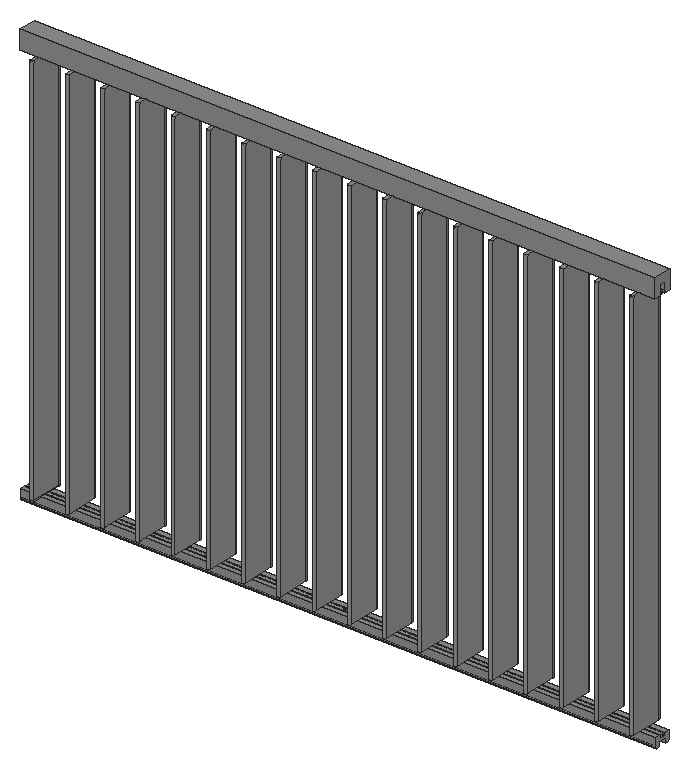
Revit family "Haworth_Pergola_Slat_Painted_Straight", category Furniture Systems, Revit 2018
Family settings
  Round Connector Dimension = Use Diameter
  Part Type = Normal
  OmniClass Number = 23.40.70.14.64.21
  OmniClass Title = Systems Furniture
  Work Plane-Based = No
  Always vertical = Yes
  Cut with Voids When Loaded = No
  Shared = No
  Room Calculation Point = No
Parameters (values of type "144w")
  Width = 144"
  Warranty = "http://www.haworth.com/resources/product-info/warranties"
  URL - Product = "https://www.haworth.com/na/en/inspiration/pergola.html"
  URL = "http://www.haworth.com"
  Trim Finish = Haworth _ Paint _ Undecided _ Pergola
  Top Rail [instance] = yes
  Standard Width = "48, 72, 96, 120, 144 in."  # constant formula
  Slat Finish = Haworth _ Paint _ Undecided _ Pergola
  Slat Count = ((Actual Width - (End Slat Offset * 2)) / 8") + 1  # 18
  Slat Angle - 90 Deg. [instance] = and(not([Slat Angle - 45 Deg.]), not([Slat Angle - 60 Deg.]))  # yes
  Slat Angle - 60 Deg. [instance] = no
  Slat Angle - 45 Deg. [instance] = no
  End Slat Offset = 4"  # constant formula
  Custom Size = not(or(Width = 48", Width = 72", Width = 96", Width = 120", Width = 144"))  # no
  Bracket Thickness = 25/128"  # constant formula
  Sustainability Info = "http://www.haworth.com/company-info/sustainablility"
  Model = "Haworth Pergola"  # constant formula
  Description = "Haworth - Pergola Slat - Painted Straight"  # constant formula
  Bottom Rail [instance] = yes
  Base Height = 2"  # constant formula
  Actual Depth = 4"  # constant formula
  Size = "Verify Final Dim. w/ Haworth"  # constant formula
  Revision Number = "1"  # constant formula
  Min. Width = 48"  # constant formula
  Max. Width = 144"  # constant formula
  Min. Height = 89 1/2"  # constant formula
  Max. Height = 89 1/2"  # constant formula
  Manufacturer = "Haworth"  # constant formula
  Author = "Haworth (Alias)"  # constant formula
  Assembly Code = "E2020200"
  Actual Width = if(Width < Min. Width, Min. Width, if(Width > Max. Width, Max. Width, Width))  # 144"
  Actual Height = 89 1/2"  # constant formula
Types (5): name | Width | Slat Count | Actual Width
  144w | 144" | 18 | 144"
  120w | 120" | 15 | 120"
  96w | 96" | 12 | 96"
  72w | 72" | 9 | 72"
  48w | 48" | 6 | 48"
Reference planes (in)
  plane 1 "Center F/B": y = 0
  plane 2 "Bottom": z = 0.5
  plane 3 "Center L/R": x = 1.5
  plane 4 "Back": y = 2
  plane 5 "Front": y = -2
  plane 6 "Right": x = 73.5
  plane 7 "Top": z = 92
  plane 8 "Left": x = -70.5
  plane 9 "Base Top": z = 2.5
  plane 10 "End Left Slat": x = -66.5
  plane 11 "End Right Slat": x = 69.5
  plane 12: z = 96
Forms (in)
  Extrusion 1, solid, material "Haworth _ Paint _ Undecided _ Pergola" <- "Trim Finish"
    sketch origin (0, 0, 0) x (1, 0, 0) y (0, 1, 0)
      loop
        circle (1.5, 0) r 0.23622
    from 2.5 to 2.19531
  Extrusion 2, solid, material "Haworth _ Paint _ Undecided _ Pergola" <- "Trim Finish"
    sketch origin (0, 0, 0) x (1, 0, 0) y (0, 1, 0)
      loop
        circle (1.5, 0) r 0.23622
    from 91.30469 to 92
  Sweep 3, solid, material "Haworth _ Paint _ Undecided _ Pergola" <- "Trim Finish"
    path origin (0, 0, 0) x (1, 0, 0) y (0, 0, 1)
      loop
        line (-70.5, 92) -> (73.5, 92)
    profile origin (1.5, 0, 92) x (0, 0, 1) y (0, -1, 0)
      loop
        line (0.0689, -0.59941) -> (0.0689, -0.30807) -> (0.52756, -0.30807) -> (0.52756, -0.18996) -> (0.0689, -0.18996) -> (0.0689, 0.46555) -> (0.52166, 0.46555) -> (0.52166, 0.52756) -> (0.0689, 0.52756) -> (0.0689, 0.59941) -> (0, 0.59941) -> (0, -0.59941) -> (0.0689, -0.59941)
  Sweep 4, solid, material "Haworth _ Paint _ Undecided _ Pergola" <- "Trim Finish", visible <- "Bottom Rail"
    path origin (0, 0, -82) x (1, 0, 0) y (0, 0, 1)
      loop
        line (-70.5, 84.5) -> (73.5, 84.5)
    profile origin (1.5, 0, 2.5) x (0, 0, 1) y (0, -1, 0)
      loop
        line (0, 1.9685) -> (-2, 1.9685) -> (-2, 1.6122) -> (-2.07874, 1.53346) -> (-2.07874, 1.13976) -> (-2.19685, 1.13976) -> (-2.19685, 1.53346) -> (-2.27559, 1.53346) -> (-2.27559, 0.93504) -> (-1.26181, 0.93504) -> (-1.26181, -0.93504) -> (-2.27559, -0.93504) -> (-2.27559, -1.53346) -> (-2.19685, -1.53346) -> (-2.19685, -1.13976) -> (-2.07874, -1.13976) -> (-2.07874, -1.53346) -> (-2, -1.6122) -> (-2, -1.9685) -> (0, -1.9685) -> (0, -0.6378) -> (-0.0689, -0.64994) -> (-0.0689, -0.52756) -> (-0.18121, -0.52756) -> (-0.16732, -0.6063) -> (-0.59646, -0.6063) -> (-0.59646, 0.6063) -> (-0.16732, 0.6063) -> (-0.18121, 0.52756) -> (-0.0689, 0.52756) -> (-0.0689, 0.64994) -> (0, 0.6378) -> (0, 1.9685)
  Sweep 5, solid, material "Haworth _ Paint _ Undecided _ Pergola" <- "Trim Finish"
    path origin (0, 0, -82) x (1, 0, 0) y (0, 0, 1)
      loop
        line (-70.5, 84.5) -> (73.5, 84.5)
    profile origin (1.5, 0, 2.5) x (0, 0, 1) y (0, -1, 0)
      loop
        line (-0.52756, 0.30807) -> (-0.52756, 0.18996) -> (-0.0689, 0.18996) -> (-0.0689, -0.46555) -> (-0.52165, -0.46555) -> (-0.52165, -0.52756) -> (-0.0689, -0.52756) -> (-0.0689, -0.59941) -> (0, -0.59941) -> (0, 0.59941) -> (-0.0689, 0.59941) -> (-0.0689, 0.30807) -> (-0.52756, 0.30807)
Lines and regions (in)
  Masking region 1
    outline origin (0, 0, 0) x (1, 0, 0) y (0, 1, 0)
      loop
        line (-70.5, 2) -> (-70.5, -2) -> (73.5, -2) -> (73.5, 2) -> (-70.5, 2)
Dimensions and locks (in)
  equal spacing: plane 4 "Back", plane 1 "Center F/B", plane 5 "Front"
  "Actual Depth": plane 4 "Back" to plane 5 "Front"
  equal spacing: plane 8 "Left", plane 3 "Center L/R", plane 6 "Right"
  "Actual Width": plane 8 "Left" to plane 6 "Right"
  plane 9 "Base Top" to level = 2 1/2"
  "Actual Height": plane 7 "Top" to plane 9 "Base Top"
  "End Slat Offset": plane 8 "Left" to plane 10 "End Left Slat"
  "End Slat Offset": plane 11 "End Right Slat" to plane 6 "Right"
  plane 4 "Back" to Masking region 1 sketch curve = 0"
  plane 5 "Front" to Masking region 1 sketch curve = 0"
  equal spacing: group 1, group 2, group 3, group 4, group 5, group 6, group 7, group 8, group 9, group 10, group 11, group 13, group 14, group 15, group 16, group 17, group 18, group 12  (x2)
  equal spacing: group 12, group 18, group 17, group 16, group 15, group 14, group 13, group 11, group 10, group 9, group 8, group 7, group 6, group 5, group 4, group 3, group 2, group 1
  equal spacing: group 19, group 20, group 21, group 22, group 23, group 24, group 25, group 26, group 27, group 28, group 29, group 30, group 31, group 32, group 33, group 34, group 35, group 36  (x3)
  equal spacing: group 38, group 54, group 53, group 52, group 51, group 50, group 49, group 48, group 47, group 46, group 45, group 44, group 43, group 42, group 41, group 40, group 39, group 37
  equal spacing: group 37, group 39, group 40, group 41, group 42, group 43, group 44, group 45, group 46, group 47, group 48, group 49, group 50, group 51, group 52, group 53, group 54, group 38  (x2)
  aligned and locked: plane 1 "Center F/B" to Extrusion 1 sketch curve
  aligned and locked: plane 3 "Center L/R" to Extrusion 1 sketch curve
  aligned and locked: plane 1 "Center F/B" to Extrusion 2 sketch curve
  aligned and locked: plane 3 "Center L/R" to Extrusion 2 sketch curve
  aligned and locked: plane 7 "Top" to Extrusion 2
  aligned and locked: Extrusion 1 to plane 9 "Base Top"
  aligned and locked: Sweep 3 sketch curve to plane 7 "Top"
  aligned and locked: plane 6 "Right" to Sweep 3 sketch curve
  aligned and locked: plane 8 "Left" to Sweep 3 sketch curve
  aligned and locked: Sweep 4 sketch curve to plane 9 "Base Top"
  aligned and locked: plane 8 "Left" to Sweep 4 sketch curve
  aligned and locked: plane 6 "Right" to Sweep 4 sketch curve
  aligned and locked: Sweep 5 sketch curve to plane 9 "Base Top"
  aligned and locked: plane 6 "Right" to Sweep 5 sketch curve
  aligned and locked: plane 8 "Left" to Sweep 5 sketch curve
  aligned and locked: Masking region 1 sketch curve to plane 6 "Right"
  aligned and locked: Masking region 1 sketch curve to plane 8 "Left"
  aligned and locked: plane 1 "Center F/B" to nested 2
  aligned and locked: plane 3 "Center L/R" to nested 2
  aligned and locked: Masking region 1 to plane 5 "Front"
  aligned and locked: plane 4 "Back" to Masking region 1
  aligned and locked: nested 2 to plane 12
  aligned and locked: nested 4 to plane 10 "End Left Slat"
  aligned and locked: nested 15 to plane 11 "End Right Slat"
  aligned and locked: nested 3 to plane 10 "End Left Slat"
  aligned and locked: nested 38 to plane 11 "End Right Slat"
  aligned and locked: nested 1 to plane 11 "End Right Slat"
  aligned and locked: nested 39 to plane 10 "End Left Slat"
Automatic sketch dimensions
  profile plane to Sweep 3 sketch curve = 0"
  Sweep 3 sketch curve to profile plane = 0.0689"  (x3)
  Sweep 3 sketch curve to Sweep 3 sketch curve = 0.45276"
  Sweep 3 sketch curve to plane 1 "Center F/B" = 0.18996"
  Sweep 3 sketch curve to Sweep 3 sketch curve = 0.45866"
  Sweep 3 sketch curve to Sweep 3 sketch curve = 0.11811"  (x2)
  Sweep 3 sketch curve to Sweep 3 sketch curve = 0.29134"
  plane 1 "Center F/B" to Sweep 3 sketch curve = 0.46555"
  Sweep 3 sketch curve to Sweep 3 sketch curve = 0"
  Sweep 3 sketch curve to Sweep 3 sketch curve = 0.06201"
  Sweep 3 sketch curve to Sweep 3 sketch curve = 0.07185"
  profile plane to Sweep 4 sketch curve = 0"  (x2)
  profile plane to Sweep 4 sketch curve = 0.0689"  (x2)
  Sweep 4 sketch curve to Sweep 4 sketch curve = 0.09843"  (x2)
  Sweep 4 sketch curve to Sweep 4 sketch curve = 0.01388"  (x2)
  Sweep 4 sketch curve to Sweep 4 sketch curve = 0.41525"
  Sweep 4 sketch curve to Sweep 4 sketch curve = 0.66535"
  Sweep 4 sketch curve to Sweep 4 sketch curve = 0.73819"  (x2)
  Sweep 4 sketch curve to Sweep 4 sketch curve = 0.07874"  (x8)
  Sweep 4 sketch curve to Sweep 4 sketch curve = 0.11811"  (x2)
  Sweep 4 sketch curve to plane 1 "Center F/B" = 1.9685"
  Sweep 4 sketch curve to Sweep 4 sketch curve = 0.3563"
  Sweep 4 sketch curve to Sweep 4 sketch curve = 0.3937"  (x2)
  Sweep 4 sketch curve to Sweep 4 sketch curve = 0.20472"  (x2)
  Sweep 4 sketch curve to plane 1 "Center F/B" = 0.64994"
  Sweep 4 sketch curve to Sweep 4 sketch curve = 0.01215"  (x2)
  Sweep 4 sketch curve to Sweep 4 sketch curve = 0.04364"
  Sweep 4 sketch curve to Sweep 4 sketch curve = 0.12238"
  plane 1 "Center F/B" to Sweep 4 sketch curve = 0.52756"
  Sweep 4 sketch curve to Sweep 4 sketch curve = 0.11024"
  plane 1 "Center F/B" to Sweep 4 sketch curve = 0.93504"
  Sweep 4 sketch curve to Sweep 4 sketch curve = 0"
  Sweep 4 sketch curve to Sweep 4 sketch curve = 1.31856"
  profile plane to Sweep 5 sketch curve = 0"
  profile plane to Sweep 5 sketch curve = 0.0689"  (x3)
  Sweep 5 sketch curve to Sweep 5 sketch curve = 0.45276"
  Sweep 5 sketch curve to Sweep 5 sketch curve = 0.45866"
  Sweep 5 sketch curve to plane 1 "Center F/B" = 0.59941"
  Sweep 5 sketch curve to Sweep 5 sketch curve = 0.07185"
  Sweep 5 sketch curve to Sweep 5 sketch curve = 0.06201"
  plane 1 "Center F/B" to Sweep 5 sketch curve = 0.18996"
  Sweep 5 sketch curve to Sweep 5 sketch curve = 0.11811"
  Sweep 5 sketch curve to Sweep 5 sketch curve = 0.29134"
  radius of Extrusion 1 sketch curve = 0.23622"
  radius of Extrusion 2 sketch curve = 0.23622"
Nested families (in)
  nested 1: "Haworth_Pergola_PaintedSlat_PART" at (68, 0, 0.40234), visible <- "Slat Angle - 45 Deg.", type "Painted Slat"
  nested 2: "Haworth_Pergola_Panel_TopRail_Straight" at (-58, 0, 0.5), visible <- "Top Rail", type "Top Rail - 48w"
    with Width 144", Actual Width 144"
  nested 3: "Haworth_Pergola_PaintedSlat_PART" at (-67.94889, 0.38823, 0.40234) x (0.9659, -0.2588, 0) z (0, 0, 1), visible <- "Slat Angle - 60 Deg.", type "Painted Slat"
  nested 4: "Haworth_Pergola_PaintedSlat_PART" at (-67.56066, 1.06107, 0.40234) x (0.7071, -0.7071, 0) z (0, 0, 1), visible <- "Slat Angle - 90 Deg.", type "Painted Slat"
  nested 5: "Haworth_Pergola_PaintedSlat_PART" at (-59.56066, 1.06104, 0.40234) x (0.7071, -0.7071, 0) z (0, 0, 1), visible <- "Slat Angle - 90 Deg.", type "Painted Slat"
  nested 6: "Haworth_Pergola_PaintedSlat_PART" at (-51.56066, 1.06102, 0.40234) x (0.7071, -0.7071, 0) z (0, 0, 1), visible <- "Slat Angle - 90 Deg.", type "Painted Slat"
  nested 7: "Haworth_Pergola_PaintedSlat_PART" at (-43.56066, 1.061, 0.40234) x (0.7071, -0.7071, 0) z (0, 0, 1), visible <- "Slat Angle - 90 Deg.", type "Painted Slat"
  nested 8: "Haworth_Pergola_PaintedSlat_PART" at (-35.56066, 1.06097, 0.40234) x (0.7071, -0.7071, 0) z (0, 0, 1), visible <- "Slat Angle - 90 Deg.", type "Painted Slat"
  nested 9: "Haworth_Pergola_PaintedSlat_PART" at (-27.56066, 1.06095, 0.40234) x (0.7071, -0.7071, 0) z (0, 0, 1), visible <- "Slat Angle - 90 Deg.", type "Painted Slat"
  nested 10: "Haworth_Pergola_PaintedSlat_PART" at (-19.56066, 1.06092, 0.40234) x (0.7071, -0.7071, 0) z (0, 0, 1), visible <- "Slat Angle - 90 Deg.", type "Painted Slat"
  nested 11: "Haworth_Pergola_PaintedSlat_PART" at (-11.56066, 1.0609, 0.40234) x (0.7071, -0.7071, 0) z (0, 0, 1), visible <- "Slat Angle - 90 Deg.", type "Painted Slat"
  nested 12: "Haworth_Pergola_PaintedSlat_PART" at (-3.56066, 1.06088, 0.40234) x (0.7071, -0.7071, 0) z (0, 0, 1), visible <- "Slat Angle - 90 Deg.", type "Painted Slat"
  nested 13: "Haworth_Pergola_PaintedSlat_PART" at (4.43934, 1.06085, 0.40234) x (0.7071, -0.7071, 0) z (0, 0, 1), visible <- "Slat Angle - 90 Deg.", type "Painted Slat"
  nested 14: "Haworth_Pergola_PaintedSlat_PART" at (12.43934, 1.06083, 0.40234) x (0.7071, -0.7071, 0) z (0, 0, 1), visible <- "Slat Angle - 90 Deg.", type "Painted Slat"
  nested 15: "Haworth_Pergola_PaintedSlat_PART" at (68.43934, 1.06066, 0.40234) x (0.7071, -0.7071, 0) z (0, 0, 1), visible <- "Slat Angle - 90 Deg.", type "Painted Slat"
  nested 16: "Haworth_Pergola_PaintedSlat_PART" at (20.43934, 1.0608, 0.40234) x (0.7071, -0.7071, 0) z (0, 0, 1), visible <- "Slat Angle - 90 Deg.", type "Painted Slat"
  nested 17: "Haworth_Pergola_PaintedSlat_PART" at (28.43934, 1.06078, 0.40234) x (0.7071, -0.7071, 0) z (0, 0, 1), visible <- "Slat Angle - 90 Deg.", type "Painted Slat"
  nested 18: "Haworth_Pergola_PaintedSlat_PART" at (36.43934, 1.06076, 0.40234) x (0.7071, -0.7071, 0) z (0, 0, 1), visible <- "Slat Angle - 90 Deg.", type "Painted Slat"
  nested 19: "Haworth_Pergola_PaintedSlat_PART" at (44.43934, 1.06073, 0.40234) x (0.7071, -0.7071, 0) z (0, 0, 1), visible <- "Slat Angle - 90 Deg.", type "Painted Slat"
  nested 20: "Haworth_Pergola_PaintedSlat_PART" at (52.43934, 1.06071, 0.40234) x (0.7071, -0.7071, 0) z (0, 0, 1), visible <- "Slat Angle - 90 Deg.", type "Painted Slat"
  nested 21: "Haworth_Pergola_PaintedSlat_PART" at (60.43934, 1.06068, 0.40234) x (0.7071, -0.7071, 0) z (0, 0, 1), visible <- "Slat Angle - 90 Deg.", type "Painted Slat"
  nested 22: "Haworth_Pergola_PaintedSlat_PART" at (-59.94889, 0.38823, 0.40234) x (0.9659, -0.2588, 0) z (0, 0, 1), visible <- "Slat Angle - 60 Deg.", type "Painted Slat"
  nested 23: "Haworth_Pergola_PaintedSlat_PART" at (-51.94889, 0.38823, 0.40234) x (0.9659, -0.2588, 0) z (0, 0, 1), visible <- "Slat Angle - 60 Deg.", type "Painted Slat"
  nested 24: "Haworth_Pergola_PaintedSlat_PART" at (-43.94889, 0.38823, 0.40234) x (0.9659, -0.2588, 0) z (0, 0, 1), visible <- "Slat Angle - 60 Deg.", type "Painted Slat"
  nested 25: "Haworth_Pergola_PaintedSlat_PART" at (-35.94889, 0.38823, 0.40234) x (0.9659, -0.2588, 0) z (0, 0, 1), visible <- "Slat Angle - 60 Deg.", type "Painted Slat"
  nested 26: "Haworth_Pergola_PaintedSlat_PART" at (-27.94889, 0.38823, 0.40234) x (0.9659, -0.2588, 0) z (0, 0, 1), visible <- "Slat Angle - 60 Deg.", type "Painted Slat"
  nested 27: "Haworth_Pergola_PaintedSlat_PART" at (-19.94889, 0.38823, 0.40234) x (0.9659, -0.2588, 0) z (0, 0, 1), visible <- "Slat Angle - 60 Deg.", type "Painted Slat"
  nested 28: "Haworth_Pergola_PaintedSlat_PART" at (-11.94889, 0.38823, 0.40234) x (0.9659, -0.2588, 0) z (0, 0, 1), visible <- "Slat Angle - 60 Deg.", type "Painted Slat"
  nested 29: "Haworth_Pergola_PaintedSlat_PART" at (-3.94889, 0.38823, 0.40234) x (0.9659, -0.2588, 0) z (0, 0, 1), visible <- "Slat Angle - 60 Deg.", type "Painted Slat"
  nested 30: "Haworth_Pergola_PaintedSlat_PART" at (4.05111, 0.38823, 0.40234) x (0.9659, -0.2588, 0) z (0, 0, 1), visible <- "Slat Angle - 60 Deg.", type "Painted Slat"
  nested 31: "Haworth_Pergola_PaintedSlat_PART" at (12.05111, 0.38823, 0.40234) x (0.9659, -0.2588, 0) z (0, 0, 1), visible <- "Slat Angle - 60 Deg.", type "Painted Slat"
  nested 32: "Haworth_Pergola_PaintedSlat_PART" at (20.05111, 0.38823, 0.40234) x (0.9659, -0.2588, 0) z (0, 0, 1), visible <- "Slat Angle - 60 Deg.", type "Painted Slat"
  nested 33: "Haworth_Pergola_PaintedSlat_PART" at (28.05111, 0.38823, 0.40234) x (0.9659, -0.2588, 0) z (0, 0, 1), visible <- "Slat Angle - 60 Deg.", type "Painted Slat"
  nested 34: "Haworth_Pergola_PaintedSlat_PART" at (36.05111, 0.38823, 0.40234) x (0.9659, -0.2588, 0) z (0, 0, 1), visible <- "Slat Angle - 60 Deg.", type "Painted Slat"
  nested 35: "Haworth_Pergola_PaintedSlat_PART" at (44.05111, 0.38823, 0.40234) x (0.9659, -0.2588, 0) z (0, 0, 1), visible <- "Slat Angle - 60 Deg.", type "Painted Slat"
  nested 36: "Haworth_Pergola_PaintedSlat_PART" at (52.05111, 0.38823, 0.40234) x (0.9659, -0.2588, 0) z (0, 0, 1), visible <- "Slat Angle - 60 Deg.", type "Painted Slat"
  nested 37: "Haworth_Pergola_PaintedSlat_PART" at (60.05111, 0.38823, 0.40234) x (0.9659, -0.2588, 0) z (0, 0, 1), visible <- "Slat Angle - 60 Deg.", type "Painted Slat"
  nested 38: "Haworth_Pergola_PaintedSlat_PART" at (68.05111, 0.38823, 0.40234) x (0.9659, -0.2588, 0) z (0, 0, 1), visible <- "Slat Angle - 60 Deg.", type "Painted Slat"
  nested 39: "Haworth_Pergola_PaintedSlat_PART" at (-68, 0, 0.40234), visible <- "Slat Angle - 45 Deg.", type "Painted Slat"
  nested 40: "Haworth_Pergola_PaintedSlat_PART" at (60, 0, 0.40234), visible <- "Slat Angle - 45 Deg.", type "Painted Slat"
  nested 41: "Haworth_Pergola_PaintedSlat_PART" at (52, 0, 0.40234), visible <- "Slat Angle - 45 Deg.", type "Painted Slat"
  nested 42: "Haworth_Pergola_PaintedSlat_PART" at (44, 0, 0.40234), visible <- "Slat Angle - 45 Deg.", type "Painted Slat"
  nested 43: "Haworth_Pergola_PaintedSlat_PART" at (36, 0, 0.40234), visible <- "Slat Angle - 45 Deg.", type "Painted Slat"
  nested 44: "Haworth_Pergola_PaintedSlat_PART" at (28, 0, 0.40234), visible <- "Slat Angle - 45 Deg.", type "Painted Slat"
  nested 45: "Haworth_Pergola_PaintedSlat_PART" at (20, 0, 0.40234), visible <- "Slat Angle - 45 Deg.", type "Painted Slat"
  nested 46: "Haworth_Pergola_PaintedSlat_PART" at (12, 0, 0.40234), visible <- "Slat Angle - 45 Deg.", type "Painted Slat"
  nested 47: "Haworth_Pergola_PaintedSlat_PART" at (4, 0, 0.40234), visible <- "Slat Angle - 45 Deg.", type "Painted Slat"
  nested 48: "Haworth_Pergola_PaintedSlat_PART" at (-4, 0, 0.40234), visible <- "Slat Angle - 45 Deg.", type "Painted Slat"
  nested 49: "Haworth_Pergola_PaintedSlat_PART" at (-12, 0, 0.40234), visible <- "Slat Angle - 45 Deg.", type "Painted Slat"
  nested 50: "Haworth_Pergola_PaintedSlat_PART" at (-20, 0, 0.40234), visible <- "Slat Angle - 45 Deg.", type "Painted Slat"
  nested 51: "Haworth_Pergola_PaintedSlat_PART" at (-28, 0, 0.40234), visible <- "Slat Angle - 45 Deg.", type "Painted Slat"
  nested 52: "Haworth_Pergola_PaintedSlat_PART" at (-36, 0, 0.40234), visible <- "Slat Angle - 45 Deg.", type "Painted Slat"
  nested 53: "Haworth_Pergola_PaintedSlat_PART" at (-44, 0, 0.40234), visible <- "Slat Angle - 45 Deg.", type "Painted Slat"
  nested 54: "Haworth_Pergola_PaintedSlat_PART" at (-52, 0, 0.40234), visible <- "Slat Angle - 45 Deg.", type "Painted Slat"
  nested 55: "Haworth_Pergola_PaintedSlat_PART" at (-60, 0, 0.40234), visible <- "Slat Angle - 45 Deg.", type "Painted Slat"
  nested 56: "Haworth_Pergola_PaintedSlat_PART" at (68, 0, 0), visible <- "Slat Angle - 45 Deg.", type "Painted Slat", not visible
  nested 57: "Haworth_Pergola_PaintedSlat_PART" at (-67.94889, 0.38823, 0) x (0.9659, -0.2588, 0) z (0, 0, 1), visible <- "Slat Angle - 60 Deg.", type "Painted Slat", not visible
  nested 58: "Haworth_Pergola_PaintedSlat_PART" at (-67.56066, 1.06107, 0) x (0.7071, -0.7071, 0) z (0, 0, 1), visible <- "Slat Angle - 90 Deg.", type "Painted Slat", not visible
Definition of nested family "Haworth_Pergola_PaintedSlat_PART"
  Parameters (values of type "Painted Slat")
    Warranty = "http://www.haworth.com/resources/product-info/warranties"
    URL - Product = ""
    URL = "http://www.haworth.com"
    Trim Finish = none
    Slat Finish = none
    Bracket Thickness = 25/128"  # constant formula
    Sustainability Info = "http://www.haworth.com/company-info/sustainablility"
    Model = "Haworth Pergola"  # constant formula
    Description = "Haworth - Pergola Slat - Painted"  # constant formula
    Base Height = 2"  # constant formula
    Actual Depth = 8"  # constant formula
    Size = "Verify Final Dim. w/ Haworth"  # constant formula
    Revision Number = "1"  # constant formula
    Min. Width = 48"  # constant formula
    Max. Width = 144"  # constant formula
    Min. Height = 89 1/2"  # constant formula
    Max. Height = 89 1/2"  # constant formula
    Manufacturer = "Haworth"  # constant formula
    Author = "Haworth (Alias)"  # constant formula
    Assembly Code = "E2020200"
    Actual Width = 8"  # constant formula
    Actual Height = 89 1/2"  # constant formula
  Reference planes (in)
    plane 1 "Center F/B": y = 0
    plane 2 "Bottom": z = 0
    plane 3 "Center L/R": x = 1.5
    plane 4 "Top": z = 91.5
    plane 5 "Glide Top": z = 2
    plane 6: z = 2.19531
    plane 7: z = 91.30469
    plane 8 "Right": x = 5.5
    plane 9 "Left": x = -2.5
    plane 10 "Back": y = 4
    plane 11 "Front": y = -4
    plane 12: through (-1.28341, 2.78341, 48) normal (0.7071, 0.7071, 0)
    plane 13: through (1.2219, -0.27868, 48) normal (-0.7071, 0.7071, 0)
    plane 14: through (1.5, 0, 48) normal (-0.9659, -0.2588, 0)
    plane 15: through (1.5, 0, 48) normal (0.2588, -0.9659, 0)
  Forms (in)
    Extrusion 1, solid, material <- "Slat Finish"
      sketch origin (-1.5, 0, 0) x (1, 0, 0) y (0, 1, 0)
        loop
          line (5.78399, -2.22721) -> (0.77337, 2.78341)
          arc (0.77337, 2.78341) -> (0.21659, 2.78341) -> (0.21659, 2.22663) r 0.3937
          line (0.21659, 2.22663) -> (5.22721, -2.78399)
          arc (5.22721, -2.78399) -> (5.78399, -2.78399) -> (5.78399, -2.22721) r 0.3937
      from 2.19531 to 91.30469
    Extrusion 2, solid, material <- "Trim Finish"
      sketch origin (0, 0, 0) x (1, 0, 0) y (0, 1, 0)
        loop
          circle (1.5, 0) r 0.23622
      from 2 to 2.19531
    Extrusion 3, solid, material <- "Trim Finish"
      sketch origin (0, 0, 0) x (1, 0, 0) y (0, 1, 0)
        loop
          circle (1.5, 0) r 0.23622
      from 91.30469 to 91.5
  Lines and regions (in)
    Masking region 1
      outline origin (0, 0, 0) x (1, 0, 0) y (0, 1, 0)
        loop
          line (4.28399, -2.22721) -> (-0.72663, 2.78341)
          arc (-0.72663, 2.78341) -> (-1.28341, 2.78341) -> (-1.28341, 2.22663) r 0.3937
          line (-1.28341, 2.22663) -> (3.72721, -2.78399)
          arc (3.72721, -2.78399) -> (4.28399, -2.78399) -> (4.28399, -2.22721) r 0.3937
  Dimensions and locks (in)
    "Base Height": plane 5 "Glide Top" to level
    "Bracket Thickness": plane 4 "Top" to plane 7
    "Bracket Thickness": plane 6 to plane 5 "Glide Top"
    "Actual Height": plane 4 "Top" to plane 5 "Glide Top"
    equal spacing: plane 9 "Left", plane 3 "Center L/R", plane 8 "Right"
    "Actual Width": plane 9 "Left" to plane 8 "Right"
    equal spacing: plane 10 "Back", plane 1 "Center F/B", plane 11 "Front"
    "Actual Depth": plane 10 "Back" to plane 11 "Front"
    aligned: plane 4 "Top" to Extrusion 1  (x4)
    aligned: Extrusion 1 to plane 2 "Bottom"
    aligned and locked: level to plane 2 "Bottom"
    aligned and locked: Extrusion 1 to plane 6
    aligned and locked: Extrusion 1 to plane 7
    aligned and locked: plane 1 "Center F/B" to Extrusion 2 sketch curve
    aligned and locked: plane 3 "Center L/R" to Extrusion 2 sketch curve
    aligned and locked: plane 1 "Center F/B" to Extrusion 3 sketch curve
    aligned and locked: plane 3 "Center L/R" to Extrusion 3 sketch curve
    aligned and locked: plane 7 to Extrusion 3
    aligned and locked: plane 4 "Top" to Extrusion 3
    aligned and locked: plane 6 to Extrusion 2
    aligned and locked: Extrusion 2 to plane 5 "Glide Top"
  Automatic sketch dimensions
    Extrusion 1 sketch curve to Extrusion 1 sketch curve = 0.27839"  (x6)
    Masking region 1 sketch curve to Masking region 1 sketch curve = 0.27839"  (x6)
    Extrusion 1 sketch curve to plane 1 "Center F/B" = 2.22663"
    Masking region 1 sketch curve to plane 1 "Center F/B" = 2.22663"
    plane 1 "Center F/B" to Extrusion 1 sketch curve = 2.22721"
    plane 1 "Center F/B" to Masking region 1 sketch curve = 2.22721"
    plane 3 "Center L/R" to Extrusion 1 sketch curve = 2.22721"
    plane 3 "Center L/R" to Masking region 1 sketch curve = 2.22721"
    Extrusion 1 sketch curve to plane 3 "Center L/R" = 2.22663"
    Masking region 1 sketch curve to plane 3 "Center L/R" = 2.22663"
    radius of Extrusion 2 sketch curve = 0.23622"
    radius of Extrusion 3 sketch curve = 0.23622"
Definition of nested family "Haworth_Pergola_Panel_TopRail_Straight"
  Parameters (values of type "Top Rail - 120w")
    Width = 120"
    Warranty = "http://www.haworth.com/resources/product-info/warranties"
    URL - Product = ""
    URL = "http://www.haworth.com"
    Trim Finish = none
    Sustainability Info = "http://www.haworth.com/company-info/sustainablility"
    Standard Width = "48,  72, 96, 120, and 144 in."  # constant formula
    Model = "Haworth Pergola"  # constant formula
    Description = "Haworth - Pergola Panel - Top Rail"  # constant formula
    Actual Depth = 4"  # constant formula
    Size = "Verify Final Dim. w/ Haworth"  # constant formula
    Revision Number = "1"  # constant formula
    Min. Width = 48"  # constant formula
    Max. Width = 144"  # constant formula
    Min. Height = 4"  # constant formula
    Max. Height = 4"  # constant formula
    Manufacturer = "Haworth"  # constant formula
    Author = "Haworth (Bentzen)"  # constant formula
    Assembly Code = "E2020200"
    Actual Width = if(Width < Min. Width, Min. Width, if(Width > Max. Width, Max. Width, Width))  # 120"
    Actual Height = 4 25/128"  # constant formula
  Types (5): name | Width | Actual Width
    Top Rail - 48w | 48" | 48"
    Top Rail - 72w | 72" | 72"
    Top Rail - 96w | 96" | 96"
    Top Rail - 120w | 120" | 120"
    Top Rail - 144w | 144" | 144"
  Reference planes (in)
    plane 1 "Center F/B": y = 0
    plane 2 "Bottom": z = 0
    plane 3 "Center L/R": x = 59.5
    plane 4 "Back": y = 2
    plane 5 "Front": y = -2
    plane 6 "Right": x = 119.5
    plane 7 "Top": z = 95.5
    plane 8 "Left": x = -0.5
    plane 9 "Underbeam Height": z = 91.30469
    plane 10: y = 0.59915
    plane 11: y = -0.59915
    plane 12: z = 93.54331
  Forms (in)
    Extrusion 1, solid, material <- "Trim Finish"
      sketch origin (59.5, 0, 0) x (0, 1, 0) y (0, 0, 1)
        loop
          line (2, 95.5) -> (-2, 95.5) -> (-2, 91.30469) -> (-0.59915, 91.30469) -> (-0.59915, 93.54331) -> (0.59915, 93.54331) -> (0.59915, 91.30469) -> (2, 91.30469) -> (2, 95.5)
      from -60 to 60
  Lines and regions (in)
    Masking region 1
      outline origin (0, 0, 0) x (1, 0, 0) y (0, 1, 0)
        loop
          line (-0.5, 2) -> (-0.5, -2) -> (119.5, -2) -> (119.5, 2) -> (-0.5, 2)
  Dimensions and locks (in)
    plane 9 "Underbeam Height" to plane 2 "Bottom" = 91 39/128"
    equal spacing: plane 8 "Left", plane 3 "Center L/R", plane 6 "Right"
    "Actual Width": plane 8 "Left" to plane 6 "Right"
    equal spacing: plane 4 "Back", plane 1 "Center F/B", plane 5 "Front"
    "Actual Depth": plane 4 "Back" to plane 5 "Front"
    "Actual Height": plane 7 "Top" to plane 9 "Underbeam Height"
    aligned and locked: level to plane 2 "Bottom"
    aligned and locked: plane 8 "Left" to Extrusion 1
    aligned and locked: plane 6 "Right" to Extrusion 1
    aligned and locked: Extrusion 1 to plane 12
    aligned and locked: Extrusion 1 to plane 11
    aligned and locked: plane 10 to Extrusion 1
    aligned and locked: Extrusion 1 to plane 9 "Underbeam Height"  (x2)
    aligned and locked: plane 4 "Back" to Extrusion 1
    aligned and locked: Extrusion 1 to plane 5 "Front"
    aligned and locked: plane 8 "Left" to Masking region 1
    aligned and locked: Masking region 1 to plane 4 "Back"
    aligned and locked: Masking region 1 to plane 5 "Front"
    aligned and locked: plane 6 "Right" to Masking region 1
    aligned and locked: plane 7 "Top" to Extrusion 1
  Automatic sketch dimensions
    Extrusion 1 sketch curve to plane 5 "Front" = 0"
    Extrusion 1 sketch curve to plane 9 "Underbeam Height" = 0"  (x2)
    plane 4 "Back" to Extrusion 1 sketch curve = 0"
    plane 7 "Top" to Extrusion 1 sketch curve = 0"
    plane 9 "Underbeam Height" to Extrusion 1 sketch curve = 2.23863"
    Extrusion 1 sketch curve to plane 1 "Center F/B" = 0.59915"
    plane 1 "Center F/B" to Extrusion 1 sketch curve = 0.59915"
    Masking region 1 sketch curve to plane 8 "Left" = 0"
    plane 6 "Right" to Masking region 1 sketch curve = 0"
    Masking region 1 sketch curve to plane 5 "Front" = 0"
    plane 4 "Back" to Masking region 1 sketch curve = 0"
